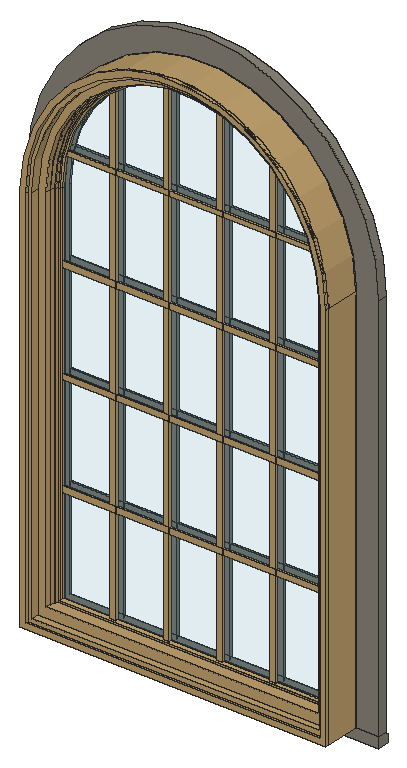
Revit family (continued)
Definition of nested family "Roundtop_Section_Detail"
  Definition of nested family "Sill_Detail"
    Lines and regions (in)
      detail lines, style "Cut Lines", in view "Ref. Level"
        curve 1: line (4.56199, 0, 0) -> (4.56199, 1.188, 0)
        curve 2: line (-1.09401, 0, 0) -> (4.56199, 0, 0)
        curve 3: line (4.56199, 1.188, 0) -> (0.53125, 1.188, 0)
        curve 4: line (-1.09401, 0.52105, 0) -> (-1.09401, 0, 0)
        curve 5: line (0.39248, 0.625, 0) -> (-1.09401, 0.52105, 0)
        curve 6: line (0.39248, 0.625, 0) -> (2, 0.625, 0)
        curve 12: line (3.53074, 1.188, 0) -> (3.53074, 2.5005, 0)
        curve 13: line (3.53074, 2.5005, 0) -> (2, 2.5005, 0)
        curve 14: line (0.53125, 0.8125, 0) -> (0.53125, 1.188, 0)
        curve 15: line (0.125, 0.8125, 0) -> (0.53125, 0.8125, 0)
        curve 16: line (0.125, 2.696, 0) -> (0.125, 0.8125, 0)
        curve 17: line (0.2358, 2.696, 0) -> (0.125, 2.696, 0)
        curve 18: line (0.44605, 2.90625, 0) -> (0.2358, 2.696, 0)
        curve 19: line (0.47297, 2.208, 0) -> (0.47297, 2.90625, 0)
        curve 20: line (1.50299, 2.208, 0) -> (0.47297, 2.208, 0)
        curve 21: line (1.50299, 2.90625, 0) -> (1.50299, 2.208, 0)
        curve 22: line (1.66374, 2.90625, 0) -> (1.50299, 2.90625, 0)
        curve 23: line (2, 2.677, 0) -> (1.89299, 2.677, 0)
        curve 24: line (2, 0.625, 0) -> (2, 2.677, 0)
        curve 25: line (0.47297, 2.90625, 0) -> (0.44605, 2.90625, 0)
        curve 26: line (1.89299, 2.677, 0) -> (1.66374, 2.90625, 0)
        curve 27: line (1.31549, 2.45402, 0) -> (0.69049, 2.45402, 0)
        curve 28: line (1.31549, 2.6605, 0) -> (0.69049, 2.6605, 0)
        curve 29: line (1.50299, 2.353, 0) -> (1.31549, 2.353, 0)
        curve 30: line (0.69049, 2.353, 0) -> (0.50199, 2.353, 0)
      detail lines, style "Cut Lines", in view "Ref. Level", visible <- "Flange"
        curve 7: line (0, -1.5, 0) -> (0, -0.15, 0)
        curve 8: line (-0.04501, 0, 0) -> (-0.04501, -1.5, 0)
        curve 9: line (-0.04501, -1.5, 0) -> (0, -1.5, 0)
        curve 10: line (0.10999, -0.15, 0) -> (0.10999, 0, 0)
        curve 11: line (0, -0.15, 0) -> (0.10999, -0.15, 0)
